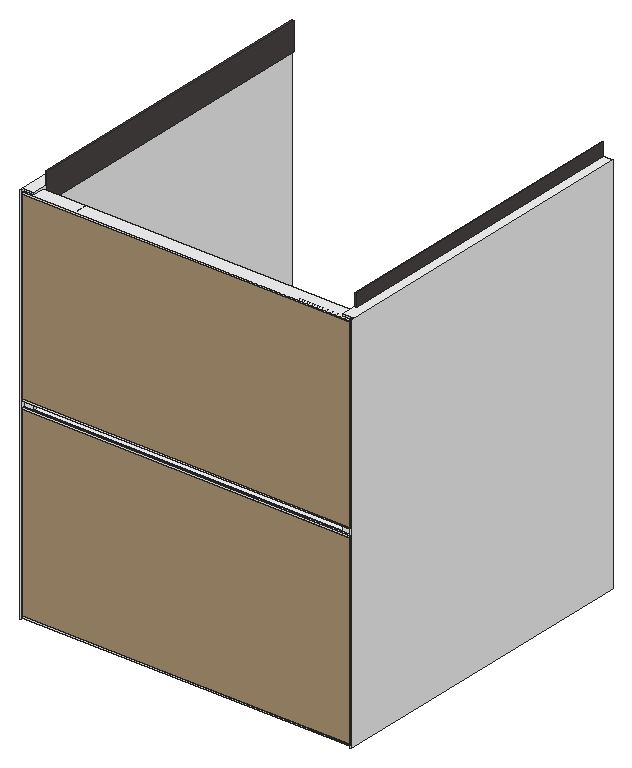
Revit family "vanity unit-hansgrohe-54172XXX-Xevolos E Vanity unit Matt White 480_475 with 2 drawers for handrinse basin", category Furniture, Revit 2019
Family settings
  OmniClass Number = 23.40.00.00
  OmniClass Title = Equipment and Furnishings
  Work Plane-Based = No
  Always vertical = Yes
  Cut with Voids When Loaded = No
  Shared = Yes
  Room Calculation Point = No
Parameters (values of type "54172390-MATT_WHITE-PATTEREND_BRONZE-400")
  etim7_EC011381 = "EC011381"
  WEIGHT = "26.7"
  UNSPSC = "56 | Furniture and Furnishings"
  UNIFORMATII = "E2010 | Fixed Furnishings"
  UNICLASS_2015_CODE = "40_30_78_05"
  UNICLASS2015 = "Pr_40_30_78_05 | Bathroom furniture"
  SURFACE = "PATTEREND_BRONZE"
  REGION = "Worldwide"
  PRODUCTURL = "https://pro.hansgrohe.com/articledetail--54172320"
  PERMALINK = "54172XXX"
  OMNICLASS = "23-21 19 15 33 13 | Residential Bathroom Specialty Casework"
  OBJECTTYPE = "Object (single object)"
  OBERFLAECHE = "MATT_WHITE"
  NN = "Vanity unit with 2 drawers for handrinse basin"
  NBSYN = "$ARTNR.-$OBERFLAECHE.-$SURFACE.-$LODLEVEL."
  NB = "54172390-MATT_WHITE-PATTEREND_BRONZE-400"
  NAME = "Xevolos E Vanity unit Matt White 480/475 with 2 drawers for handrinse basin"
  Model = "54172390-MATT_WHITE-PATTEREND_BRONZE-400"
  Manufacturer = "Hansgrohe"
  MIdent = "{$CADENAS_DATA/23d-libs/hansgrohe/xevolos_furniture/xevolos_vanity_unit_2_drawers_handrinse_basin/vanity_unit_2_drawers_for_handrinse_basin.prj},268 {VTYP=3D},{NB=54172390-MATT_WHITE-PATTEREND_BRONZE-400},{LINA=54172390-MATT_WHITE-PATTEREND_BRONZE-400},{NN=Vanity unit with 2 drawers for handrinse basin},{DATE=13.03.2023 12:26:32},{GEOMDATE=12.03.2023 06:54:00},{VERSION=},{LINEID=20},{WBVAR=LODLEVEL},{WBNUMERIC=}  {NB=54172390-MATT_WHITE-PATTEREND_BRONZE-400},{LINA=54172390-MATT_WHITE-PATTEREND_BRONZE-400},{KT=DUMMY},{IDNR=2},{ARTNR=54172390},{BASENUMBER=54172},{MODEL=54172XXX},{OBERFLAECHE=MATT_WHITE},{SURFACE=PATTEREND_BRONZE},{L=480},{LODLEVEL=400},{LODLEVELX='400','400','200','200'},{NAME=Xevolos E Vanity unit Matt White 480/475 with 2 drawers for handrinse basin},{PERMALINK=54172XXX},{OBJECTTYPE=Object (single object)},{BIMOBJECT=Sanitary: Compound units},{COLLECTIONSET=Xevolos E},{COLLECTION=vanity unit},{WEIGHT=26.7},{DESCRIPTION=Xevolos E Vanity unit Matt White 480/475 with 2 drawers for handrinse basin},{PRODUCTURL=https://pro.hansgrohe.com/articledetail--54172320},{GTINCODE=0},{TENDERURL=0},{IFC=Furnishing element},{ETIM=EC011381 | Bathroom furniture set},{UNICLASS2015=Pr_40_30_78_05 | Bathroom furniture},{OMNICLASS=23-21 19 15 33 13 | Residential Bathroom Specialty Casework},{MASTERFORMAT=12 35 30.23 | Bathroom Casework},{UNSPSC=56 | Furniture and Furnishings},{UNIFORMATII=E2010 | Fixed Furnishings},{REGION=Worldwide},{DESIGN=Germany},{MANUFACTURER=Germany}"
  MASTERFORMAT = "12 35 30.23 | Bathroom Casework"
  LODLEVEL = "400"
  LINA = "54172390-MATT_WHITE-PATTEREND_BRONZE-400"
  L = 480
  IFC = "Furnishing element"
  IDNR = 2
  ETIM = "EC011381 | Bathroom furniture set"
  DESIGN = "Germany"
  COLLECTIONSET = "Xevolos E"
  COLLECTION = "vanity unit"
  CATALOG = "Hansgrohe"
  BIMOBJECT = "Sanitary: Compound units"
  BASENUMBER = "54172"
  ARTNR = "54172390"
  54172730-MATT_WHITE-DARK_OAK-400_RX0RY0RZ0TX0TY0TZ0_V = no
  54172730-MATT_WHITE-DARK_OAK-200_RX0RY0RZ0TX0TY0TZ0_V = no
  54172390-MATT_WHITE-PATTEREND_BRONZE-400_RX0RY0RZ0TX0TY0TZ0_V = yes
  54172390-MATT_WHITE-PATTEREND_BRONZE-200_RX0RY0RZ0TX0TY0TZ0_V = no
  54172320-MATT_WHITE-METALLIC_WHITE-400_RX0RY0RZ0TX0TY0TZ0_V = no
  54172320-MATT_WHITE-METALLIC_WHITE-200_RX0RY0RZ0TX0TY0TZ0_V = no
Types (6, lengths in mm): name | SURFACE | NB | Model | MIdent | LODLEVEL | LINA | IDNR | ARTNR | 54172730-MATT_WHITE-DARK_OAK-400_RX0RY0RZ0TX0TY0TZ0_V | 54172730-MATT_WHITE-DARK_OAK-200_RX0RY0RZ0TX0TY0TZ0_V | 54172390-MATT_WHITE-PATTEREND_BRONZE-400_RX0RY0RZ0TX0TY0TZ0_V | 54172390-MATT_WHITE-PATTEREND_BRONZE-200_RX0RY0RZ0TX0TY0TZ0_V | 54172320-MATT_WHITE-METALLIC_WHITE-400_RX0RY0RZ0TX0TY0TZ0_V | 54172320-MATT_WHITE-METALLIC_WHITE-200_RX0RY0RZ0TX0TY0TZ0_V
  54172320-MATT_WHITE-METALLIC_WHITE-200 | "METALLIC_WHITE" | "54172320-MATT_WHITE-METALLIC_WHITE-200" | "54172320-MATT_WHITE-METALLIC_WHITE-200" | "{$CADENAS_DATA/23d-libs/hansgrohe/xevolos_furniture/xevolos_vanity_unit_2_drawers_handrinse_basin/vanity_unit_2_drawers_for_handrinse_basin.prj},264 {VTYP=3D},{NB=54172320-MATT_WHITE-METALLIC_WHITE-200},{LINA=54172320-MATT_WHITE-METALLIC_WHITE-200},{NN=Vanity unit with 2 drawers for handrinse basin},{DATE=13.03.2023 12:26:32},{GEOMDATE=12.03.2023 06:54:00},{VERSION=},{LINEID=10},{WBVAR=LODLEVEL},{WBNUMERIC=}  {NB=54172320-MATT_WHITE-METALLIC_WHITE-200},{LINA=54172320-MATT_WHITE-METALLIC_WHITE-200},{KT=DUMMY},{IDNR=1},{ARTNR=54172320},{BASENUMBER=54172},{MODEL=54172XXX},{OBERFLAECHE=MATT_WHITE},{SURFACE=METALLIC_WHITE},{L=480},{LODLEVEL=200},{LODLEVELX='400','400','200','200'},{NAME=Xevolos E Vanity unit Matt White 480/475 with 2 drawers for handrinse basin},{PERMALINK=54172XXX},{OBJECTTYPE=Object (single object)},{BIMOBJECT=Sanitary: Compound units},{COLLECTIONSET=Xevolos E},{COLLECTION=vanity unit},{WEIGHT=26.7},{DESCRIPTION=Xevolos E Vanity unit Matt White 480/475 with 2 drawers for handrinse basin},{PRODUCTURL=https://pro.hansgrohe.com/articledetail--54172320},{GTINCODE=0},{TENDERURL=0},{IFC=Furnishing element},{ETIM=EC011381 | Bathroom furniture set},{UNICLASS2015=Pr_40_30_78_05 | Bathroom furniture},{OMNICLASS=23-21 19 15 33 13 | Residential Bathroom Specialty Casework},{MASTERFORMAT=12 35 30.23 | Bathroom Casework},{UNSPSC=56 | Furniture and Furnishings},{UNIFORMATII=E2010 | Fixed Furnishings},{REGION=Worldwide},{DESIGN=Germany},{MANUFACTURER=Germany}" | "200" | "54172320-MATT_WHITE-METALLIC_WHITE-200" | 1 | "54172320" | no | no | no | no | no | yes
  54172320-MATT_WHITE-METALLIC_WHITE-400 | "METALLIC_WHITE" | "54172320-MATT_WHITE-METALLIC_WHITE-400" | "54172320-MATT_WHITE-METALLIC_WHITE-400" | "{$CADENAS_DATA/23d-libs/hansgrohe/xevolos_furniture/xevolos_vanity_unit_2_drawers_handrinse_basin/vanity_unit_2_drawers_for_handrinse_basin.prj},264 {VTYP=3D},{NB=54172320-MATT_WHITE-METALLIC_WHITE-400},{LINA=54172320-MATT_WHITE-METALLIC_WHITE-400},{NN=Vanity unit with 2 drawers for handrinse basin},{DATE=13.03.2023 12:26:32},{GEOMDATE=12.03.2023 06:54:00},{VERSION=},{LINEID=10},{WBVAR=LODLEVEL},{WBNUMERIC=}  {NB=54172320-MATT_WHITE-METALLIC_WHITE-400},{LINA=54172320-MATT_WHITE-METALLIC_WHITE-400},{KT=DUMMY},{IDNR=1},{ARTNR=54172320},{BASENUMBER=54172},{MODEL=54172XXX},{OBERFLAECHE=MATT_WHITE},{SURFACE=METALLIC_WHITE},{L=480},{LODLEVEL=400},{LODLEVELX='400','400','200','200'},{NAME=Xevolos E Vanity unit Matt White 480/475 with 2 drawers for handrinse basin},{PERMALINK=54172XXX},{OBJECTTYPE=Object (single object)},{BIMOBJECT=Sanitary: Compound units},{COLLECTIONSET=Xevolos E},{COLLECTION=vanity unit},{WEIGHT=26.7},{DESCRIPTION=Xevolos E Vanity unit Matt White 480/475 with 2 drawers for handrinse basin},{PRODUCTURL=https://pro.hansgrohe.com/articledetail--54172320},{GTINCODE=0},{TENDERURL=0},{IFC=Furnishing element},{ETIM=EC011381 | Bathroom furniture set},{UNICLASS2015=Pr_40_30_78_05 | Bathroom furniture},{OMNICLASS=23-21 19 15 33 13 | Residential Bathroom Specialty Casework},{MASTERFORMAT=12 35 30.23 | Bathroom Casework},{UNSPSC=56 | Furniture and Furnishings},{UNIFORMATII=E2010 | Fixed Furnishings},{REGION=Worldwide},{DESIGN=Germany},{MANUFACTURER=Germany}" | "400" | "54172320-MATT_WHITE-METALLIC_WHITE-400" | 1 | "54172320" | no | no | no | no | yes | no
  54172390-MATT_WHITE-PATTEREND_BRONZE-200 | "PATTEREND_BRONZE" | "54172390-MATT_WHITE-PATTEREND_BRONZE-200" | "54172390-MATT_WHITE-PATTEREND_BRONZE-200" | "{$CADENAS_DATA/23d-libs/hansgrohe/xevolos_furniture/xevolos_vanity_unit_2_drawers_handrinse_basin/vanity_unit_2_drawers_for_handrinse_basin.prj},268 {VTYP=3D},{NB=54172390-MATT_WHITE-PATTEREND_BRONZE-200},{LINA=54172390-MATT_WHITE-PATTEREND_BRONZE-200},{NN=Vanity unit with 2 drawers for handrinse basin},{DATE=13.03.2023 12:26:32},{GEOMDATE=12.03.2023 06:54:00},{VERSION=},{LINEID=20},{WBVAR=LODLEVEL},{WBNUMERIC=}  {NB=54172390-MATT_WHITE-PATTEREND_BRONZE-200},{LINA=54172390-MATT_WHITE-PATTEREND_BRONZE-200},{KT=DUMMY},{IDNR=2},{ARTNR=54172390},{BASENUMBER=54172},{MODEL=54172XXX},{OBERFLAECHE=MATT_WHITE},{SURFACE=PATTEREND_BRONZE},{L=480},{LODLEVEL=200},{LODLEVELX='400','400','200','200'},{NAME=Xevolos E Vanity unit Matt White 480/475 with 2 drawers for handrinse basin},{PERMALINK=54172XXX},{OBJECTTYPE=Object (single object)},{BIMOBJECT=Sanitary: Compound units},{COLLECTIONSET=Xevolos E},{COLLECTION=vanity unit},{WEIGHT=26.7},{DESCRIPTION=Xevolos E Vanity unit Matt White 480/475 with 2 drawers for handrinse basin},{PRODUCTURL=https://pro.hansgrohe.com/articledetail--54172320},{GTINCODE=0},{TENDERURL=0},{IFC=Furnishing element},{ETIM=EC011381 | Bathroom furniture set},{UNICLASS2015=Pr_40_30_78_05 | Bathroom furniture},{OMNICLASS=23-21 19 15 33 13 | Residential Bathroom Specialty Casework},{MASTERFORMAT=12 35 30.23 | Bathroom Casework},{UNSPSC=56 | Furniture and Furnishings},{UNIFORMATII=E2010 | Fixed Furnishings},{REGION=Worldwide},{DESIGN=Germany},{MANUFACTURER=Germany}" | "200" | "54172390-MATT_WHITE-PATTEREND_BRONZE-200" | 2 | "54172390" | no | no | no | yes | no | no
  54172390-MATT_WHITE-PATTEREND_BRONZE-400 | "PATTEREND_BRONZE" | "54172390-MATT_WHITE-PATTEREND_BRONZE-400" | "54172390-MATT_WHITE-PATTEREND_BRONZE-400" | "{$CADENAS_DATA/23d-libs/hansgrohe/xevolos_furniture/xevolos_vanity_unit_2_drawers_handrinse_basin/vanity_unit_2_drawers_for_handrinse_basin.prj},268 {VTYP=3D},{NB=54172390-MATT_WHITE-PATTEREND_BRONZE-400},{LINA=54172390-MATT_WHITE-PATTEREND_BRONZE-400},{NN=Vanity unit with 2 drawers for handrinse basin},{DATE=13.03.2023 12:26:32},{GEOMDATE=12.03.2023 06:54:00},{VERSION=},{LINEID=20},{WBVAR=LODLEVEL},{WBNUMERIC=}  {NB=54172390-MATT_WHITE-PATTEREND_BRONZE-400},{LINA=54172390-MATT_WHITE-PATTEREND_BRONZE-400},{KT=DUMMY},{IDNR=2},{ARTNR=54172390},{BASENUMBER=54172},{MODEL=54172XXX},{OBERFLAECHE=MATT_WHITE},{SURFACE=PATTEREND_BRONZE},{L=480},{LODLEVEL=400},{LODLEVELX='400','400','200','200'},{NAME=Xevolos E Vanity unit Matt White 480/475 with 2 drawers for handrinse basin},{PERMALINK=54172XXX},{OBJECTTYPE=Object (single object)},{BIMOBJECT=Sanitary: Compound units},{COLLECTIONSET=Xevolos E},{COLLECTION=vanity unit},{WEIGHT=26.7},{DESCRIPTION=Xevolos E Vanity unit Matt White 480/475 with 2 drawers for handrinse basin},{PRODUCTURL=https://pro.hansgrohe.com/articledetail--54172320},{GTINCODE=0},{TENDERURL=0},{IFC=Furnishing element},{ETIM=EC011381 | Bathroom furniture set},{UNICLASS2015=Pr_40_30_78_05 | Bathroom furniture},{OMNICLASS=23-21 19 15 33 13 | Residential Bathroom Specialty Casework},{MASTERFORMAT=12 35 30.23 | Bathroom Casework},{UNSPSC=56 | Furniture and Furnishings},{UNIFORMATII=E2010 | Fixed Furnishings},{REGION=Worldwide},{DESIGN=Germany},{MANUFACTURER=Germany}" | "400" | "54172390-MATT_WHITE-PATTEREND_BRONZE-400" | 2 | "54172390" | no | no | yes | no | no | no
  54172730-MATT_WHITE-DARK_OAK-200 | "DARK_OAK" | "54172730-MATT_WHITE-DARK_OAK-200" | "54172730-MATT_WHITE-DARK_OAK-200" | "{$CADENAS_DATA/23d-libs/hansgrohe/xevolos_furniture/xevolos_vanity_unit_2_drawers_handrinse_basin/vanity_unit_2_drawers_for_handrinse_basin.prj},252 {VTYP=3D},{NB=54172730-MATT_WHITE-DARK_OAK-200},{LINA=54172730-MATT_WHITE-DARK_OAK-200},{NN=Vanity unit with 2 drawers for handrinse basin},{DATE=13.03.2023 12:26:32},{GEOMDATE=12.03.2023 06:54:00},{VERSION=},{LINEID=30},{WBVAR=LODLEVEL},{WBNUMERIC=}  {NB=54172730-MATT_WHITE-DARK_OAK-200},{LINA=54172730-MATT_WHITE-DARK_OAK-200},{KT=DUMMY},{IDNR=3},{ARTNR=54172730},{BASENUMBER=54172},{MODEL=54172XXX},{OBERFLAECHE=MATT_WHITE},{SURFACE=DARK_OAK},{L=480},{LODLEVEL=200},{LODLEVELX='400','400','200','200'},{NAME=Xevolos E Vanity unit Matt White 480/475 with 2 drawers for handrinse basin},{PERMALINK=54172XXX},{OBJECTTYPE=Object (single object)},{BIMOBJECT=Sanitary: Compound units},{COLLECTIONSET=Xevolos E},{COLLECTION=vanity unit},{WEIGHT=26.7},{DESCRIPTION=Xevolos E Vanity unit Matt White 480/475 with 2 drawers for handrinse basin},{PRODUCTURL=https://pro.hansgrohe.com/articledetail--54172320},{GTINCODE=0},{TENDERURL=0},{IFC=Furnishing element},{ETIM=EC011381 | Bathroom furniture set},{UNICLASS2015=Pr_40_30_78_05 | Bathroom furniture},{OMNICLASS=23-21 19 15 33 13 | Residential Bathroom Specialty Casework},{MASTERFORMAT=12 35 30.23 | Bathroom Casework},{UNSPSC=56 | Furniture and Furnishings},{UNIFORMATII=E2010 | Fixed Furnishings},{REGION=Worldwide},{DESIGN=Germany},{MANUFACTURER=Germany}" | "200" | "54172730-MATT_WHITE-DARK_OAK-200" | 3 | "54172730" | no | yes | no | no | no | no
  54172730-MATT_WHITE-DARK_OAK-400 | "DARK_OAK" | "54172730-MATT_WHITE-DARK_OAK-400" | "54172730-MATT_WHITE-DARK_OAK-400" | "{$CADENAS_DATA/23d-libs/hansgrohe/xevolos_furniture/xevolos_vanity_unit_2_drawers_handrinse_basin/vanity_unit_2_drawers_for_handrinse_basin.prj},252 {VTYP=3D},{NB=54172730-MATT_WHITE-DARK_OAK-400},{LINA=54172730-MATT_WHITE-DARK_OAK-400},{NN=Vanity unit with 2 drawers for handrinse basin},{DATE=13.03.2023 12:26:32},{GEOMDATE=12.03.2023 06:54:00},{VERSION=},{LINEID=30},{WBVAR=LODLEVEL},{WBNUMERIC=}  {NB=54172730-MATT_WHITE-DARK_OAK-400},{LINA=54172730-MATT_WHITE-DARK_OAK-400},{KT=DUMMY},{IDNR=3},{ARTNR=54172730},{BASENUMBER=54172},{MODEL=54172XXX},{OBERFLAECHE=MATT_WHITE},{SURFACE=DARK_OAK},{L=480},{LODLEVEL=400},{LODLEVELX='400','400','200','200'},{NAME=Xevolos E Vanity unit Matt White 480/475 with 2 drawers for handrinse basin},{PERMALINK=54172XXX},{OBJECTTYPE=Object (single object)},{BIMOBJECT=Sanitary: Compound units},{COLLECTIONSET=Xevolos E},{COLLECTION=vanity unit},{WEIGHT=26.7},{DESCRIPTION=Xevolos E Vanity unit Matt White 480/475 with 2 drawers for handrinse basin},{PRODUCTURL=https://pro.hansgrohe.com/articledetail--54172320},{GTINCODE=0},{TENDERURL=0},{IFC=Furnishing element},{ETIM=EC011381 | Bathroom furniture set},{UNICLASS2015=Pr_40_30_78_05 | Bathroom furniture},{OMNICLASS=23-21 19 15 33 13 | Residential Bathroom Specialty Casework},{MASTERFORMAT=12 35 30.23 | Bathroom Casework},{UNSPSC=56 | Furniture and Furnishings},{UNIFORMATII=E2010 | Fixed Furnishings},{REGION=Worldwide},{DESIGN=Germany},{MANUFACTURER=Germany}" | "400" | "54172730-MATT_WHITE-DARK_OAK-400" | 3 | "54172730" | yes | no | no | no | no | no
Reference planes
  plane 1 "Center (Front/Back)": y = 0
  plane 2: z = 0
  plane 3 "Center (Left/Right)": x = 0
Dimensions and locks
  aligned and locked: level to plane 2
Nested families
  nested 1: "54172320-matt_white-metallic_white-200_content" at (0, 0, 0), visible <- "54172320-MATT_WHITE-METALLIC_WHITE-200_RX0RY0RZ0TX0TY0TZ0_V", ContentVisible <- "54172320-MATT_WHITE-METALLIC_WHITE-200_RX0RY0RZ0TX0TY0TZ0_V", type "54172320-MATT_WHITE-METALLIC_WHITE-200_Content"
    with ContentVisible no
  nested 2: "54172320-matt_white-metallic_white-400_content" at (0, 0, 0), visible <- "54172320-MATT_WHITE-METALLIC_WHITE-400_RX0RY0RZ0TX0TY0TZ0_V", ContentVisible <- "54172320-MATT_WHITE-METALLIC_WHITE-400_RX0RY0RZ0TX0TY0TZ0_V", type "54172320-MATT_WHITE-METALLIC_WHITE-400_Content"
    with ContentVisible no
  nested 3: "54172390-matt_white-patterend_bronze-200_content" at (0, 0, 0), visible <- "54172390-MATT_WHITE-PATTEREND_BRONZE-200_RX0RY0RZ0TX0TY0TZ0_V", ContentVisible <- "54172390-MATT_WHITE-PATTEREND_BRONZE-200_RX0RY0RZ0TX0TY0TZ0_V", type "54172390-MATT_WHITE-PATTEREND_BRONZE-200_Content"
    with ContentVisible no
  nested 4: "54172390-matt_white-patterend_bronze-400_content" at (0, 0, 0), visible <- "54172390-MATT_WHITE-PATTEREND_BRONZE-400_RX0RY0RZ0TX0TY0TZ0_V", ContentVisible <- "54172390-MATT_WHITE-PATTEREND_BRONZE-400_RX0RY0RZ0TX0TY0TZ0_V", type "54172390-MATT_WHITE-PATTEREND_BRONZE-400_Content"
    with ContentVisible yes
  nested 5: "54172730-matt_white-dark_oak-200_content" at (0, 0, 0), visible <- "54172730-MATT_WHITE-DARK_OAK-200_RX0RY0RZ0TX0TY0TZ0_V", ContentVisible <- "54172730-MATT_WHITE-DARK_OAK-200_RX0RY0RZ0TX0TY0TZ0_V", type "54172730-MATT_WHITE-DARK_OAK-200_Content"
    with ContentVisible no
  nested 6: "54172730-matt_white-dark_oak-400_content" at (0, 0, 0), visible <- "54172730-MATT_WHITE-DARK_OAK-400_RX0RY0RZ0TX0TY0TZ0_V", ContentVisible <- "54172730-MATT_WHITE-DARK_OAK-400_RX0RY0RZ0TX0TY0TZ0_V", type "54172730-MATT_WHITE-DARK_OAK-400_Content"
    with ContentVisible no
Definition of nested family "54172390-matt_white-patterend_bronze-400_content"
  Parameters (values of type "54172390-MATT_WHITE-PATTEREND_BRONZE-400_Content")
    etim7_EC011381 = "EC011381"
    WEIGHT = "26.7"
    UNSPSC = "56 | Furniture and Furnishings"
    UNIFORMATII = "E2010 | Fixed Furnishings"
    UNICLASS_2015_CODE = "40_30_78_05"
    UNICLASS2015 = "Pr_40_30_78_05 | Bathroom furniture"
    SURFACE = "PATTEREND_BRONZE"
    REGION = "Worldwide"
    PRODUCTURL = "https://pro.hansgrohe.com/articledetail--54172320"
    PERMALINK = "54172XXX"
    OMNICLASS = "23-21 19 15 33 13 | Residential Bathroom Specialty Casework"
    OBJECTTYPE = "Object (single object)"
    OBERFLAECHE = "MATT_WHITE"
    NN = "Vanity unit with 2 drawers for handrinse basin"
    NBSYN = "$ARTNR.-$OBERFLAECHE.-$SURFACE.-$LODLEVEL."
    NB = "54172390-MATT_WHITE-PATTEREND_BRONZE-400"
    NAME = "Xevolos E Vanity unit Matt White 480/475 with 2 drawers for handrinse basin"
    Model = "54172390-MATT_WHITE-PATTEREND_BRONZE-400"
    Manufacturer = "Hansgrohe"
    MASTERFORMAT = "12 35 30.23 | Bathroom Casework"
    LODLEVEL = "400"
    LINA = "54172390-MATT_WHITE-PATTEREND_BRONZE-400"
    L = 480
    IFC = "Furnishing element"
    IDNR = 2
    ETIM = "EC011381 | Bathroom furniture set"
    Default Elevation = 1219.2 mm
    DESIGN = "Germany"
    ContentVisible [instance] = yes
    COLLECTIONSET = "Xevolos E"
    COLLECTION = "vanity unit"
    CATALOG = "Hansgrohe"
    BIMOBJECT = "Sanitary: Compound units"
    BASENUMBER = "54172"
    ARTNR = "54172390"
  Reference planes
    plane 1 "Center (Front/Back)": y = 0
    plane 2: z = 0
    plane 3 "Center (Left/Right)": x = 0
  Forms (mm)
    Extrusion 1, solid, visible <- "ContentVisible", detail levels medium+fine
      sketch origin (0, 0, 0) x (1, 0, 0) y (0, 1, 0)
        loop
          line (-240, 0) -> (-240, -472.3) -> (-238, -472.3) -> (-238, -468.3) -> (-224, -468.3) -> (-224, 0) -> (-240, 0)
      from 0 to 556
    Extrusion 2, solid, visible <- "ContentVisible", detail levels medium+fine
      sketch origin (0, 0, 0) x (1, 0, 0) y (0, 1, 0)
        loop
          line (-224, -79) -> (-224, -445.5) -> (224, -445.5) -> (224, -79) -> (-224, -79)
      from 0 to 16
    Extrusion 3, solid, visible <- "ContentVisible", detail levels medium+fine
      sketch origin (0, 0, 0) x (1, 0, 0) y (0, 1, 0)
        loop
          line (224, 0) -> (224, -468.3) -> (238, -468.3) -> (238, -472.3) -> (240, -472.3) -> (240, 0) -> (224, 0)
      from 0 to 556
    Extrusion 4, solid, visible <- "ContentVisible", detail levels medium+fine
      sketch origin (0, 0, 0.5) x (1, 0, 0) y (0, 1, 0)
        loop
          line (-224, -63) -> (-224, -79) -> (224, -79) -> (224, -63) -> (-224, -63)
      from 0 to 126
    Extrusion 5, solid, visible <- "ContentVisible", detail levels medium+fine
      sketch origin (0, 0, 2) x (1, 0, 0) y (0, 1, 0)
        loop
          line (-238, -451) -> (-238, -472.3) -> (238, -472.3) -> (238, -451) -> (-238, -451)
      from 0 to 2
    Extrusion 6, solid, visible <- "ContentVisible", detail levels medium+fine
      sketch origin (0, 0, 554) x (1, 0, 0) y (0, 1, 0)
        loop
          line (-238, -451) -> (-238, -472.3) -> (238, -472.3) -> (238, -451) -> (-238, -451)
      from -2 to 0
    Extrusion 7, solid, visible <- "ContentVisible", detail levels medium+fine
      sketch origin (0, -468.3, 0) x (1, 0, 0) y (0, 0, -1)
        loop
          line (-238, -272.5) -> (238, -272.5) -> (238, -4.5) -> (-238, -4.5) -> (-238, -272.5)
      from -4 to 0
    Extrusion 8, solid, visible <- "ContentVisible", detail levels medium+fine
      sketch origin (0, -468.3, 0) x (1, 0, 0) y (0, 0, -1)
        loop
          line (-238, -553.5) -> (238, -553.5) -> (238, -285.5) -> (-238, -285.5) -> (-238, -553.5)
      from -4 to 0
    Extrusion 9, solid, visible <- "ContentVisible", detail levels medium+fine
      sketch origin (0, 0, 272.5) x (1, 0, 0) y (0, 1, 0)
        loop
          line (-238, -451) -> (-238, -472.3) -> (238, -472.3) -> (238, -451) -> (-238, -451)
      from 0 to 2
    Extrusion 10, solid, visible <- "ContentVisible", detail levels medium+fine
      sketch origin (0, 0, 285.5) x (1, 0, 0) y (0, 1, 0)
        loop
          line (-238, -451) -> (-238, -472.3) -> (238, -472.3) -> (238, -451) -> (-238, -451)
      from -2 to 0
    Extrusion 11, solid, visible <- "ContentVisible", detail levels medium+fine
      sketch origin (0, -468.3, 0) x (1, 0, 0) y (0, 0, -1)
        loop
          line (-238, -274.5) -> (238, -274.5) -> (238, -4.5) -> (-238, -4.5) -> (-238, -274.5)
        loop
          line (-164, -78) -> (-164, -272.5) -> (164, -272.5) -> (164, -78) -> (-164, -78)
      from 0 to 17
    Extrusion 12, solid, visible <- "ContentVisible", detail levels medium+fine
      sketch origin (0, -468.3, 0) x (1, 0, 0) y (0, 0, -1)
        loop
          line (-238, -553.5) -> (-162, -553.5) -> (-162, -361.5) -> (162, -361.5) -> (162, -553.5) -> (238, -553.5) -> (238, -285.5) -> (-238, -285.5) -> (-238, -553.5)
      from 0 to 17
    Extrusion 13, solid, visible <- "ContentVisible", detail levels medium+fine
      sketch origin (-224, 0, 0) x (0, 0, -1) y (0, 1, 0)
        loop
          line (-574, 0) -> (-574, -446) -> (-534, -446) -> (-534, 0) -> (-574, 0)
      from 0 to 2
    Extrusion 14, solid, visible <- "ContentVisible", detail levels medium+fine
      sketch origin (224, 0, 0) x (0, 0, -1) y (0, 1, 0)
        loop
          line (-574, 0) -> (-574, -446) -> (-534, -446) -> (-534, 0) -> (-574, 0)
      from 0 to 2
    Extrusion 15, solid, visible <- "ContentVisible", detail levels medium+fine
      sketch origin (0, 0, 0) x (0, 0, -1) y (0, 1, 0)
        loop
          line (-285, -319.5) -> (-285, -444) -> (-269, -444) -> (-269, -319.5) -> (-285, -319.5)
      from -224 to 224
    Extrusion 16, solid, visible <- "ContentVisible", detail levels coarse
      sketch origin (0, -236.15, 0) x (1, 0, 0) y (0, 1, 0)
        loop
          line (-240, -236.15) -> (240, -236.15) -> (240, 236.15) -> (-240, 236.15) -> (-240, -236.15)
      from 0 to 574
  Dimensions and locks
    aligned and locked: level to plane 2
Definition of nested family "54172320-matt_white-metallic_white-200_content"
  Parameters (values of type "54172320-MATT_WHITE-METALLIC_WHITE-200_Content")
    etim7_EC011381 = "EC011381"
    WEIGHT = "26.7"
    UNSPSC = "56 | Furniture and Furnishings"
    UNIFORMATII = "E2010 | Fixed Furnishings"
    UNICLASS_2015_CODE = "40_30_78_05"
    UNICLASS2015 = "Pr_40_30_78_05 | Bathroom furniture"
    SURFACE = "METALLIC_WHITE"
    REGION = "Worldwide"
    PRODUCTURL = "https://pro.hansgrohe.com/articledetail--54172320"
    PERMALINK = "54172XXX"
    OMNICLASS = "23-21 19 15 33 13 | Residential Bathroom Specialty Casework"
    OBJECTTYPE = "Object (single object)"
    OBERFLAECHE = "MATT_WHITE"
    NN = "Vanity unit with 2 drawers for handrinse basin"
    NBSYN = "$ARTNR.-$OBERFLAECHE.-$SURFACE.-$LODLEVEL."
    NB = "54172320-MATT_WHITE-METALLIC_WHITE-200"
    NAME = "Xevolos E Vanity unit Matt White 480/475 with 2 drawers for handrinse basin"
    Model = "54172320-MATT_WHITE-METALLIC_WHITE-200"
    Manufacturer = "Hansgrohe"
    MASTERFORMAT = "12 35 30.23 | Bathroom Casework"
    LODLEVEL = "200"
    LINA = "54172320-MATT_WHITE-METALLIC_WHITE-200"
    L = 480
    IFC = "Furnishing element"
    IDNR = 1
    ETIM = "EC011381 | Bathroom furniture set"
    Default Elevation = 1219.2 mm
    DESIGN = "Germany"
    ContentVisible [instance] = yes
    COLLECTIONSET = "Xevolos E"
    COLLECTION = "vanity unit"
    CATALOG = "Hansgrohe"
    BIMOBJECT = "Sanitary: Compound units"
    BASENUMBER = "54172"
    ARTNR = "54172320"
  Reference planes
    plane 1 "Center (Front/Back)": y = 0
    plane 2: z = 0
    plane 3 "Center (Left/Right)": x = 0
  Forms (mm)
    Extrusion 1, solid, visible <- "ContentVisible", detail levels medium+fine
      sketch origin (0, 0, 0) x (1, 0, 0) y (0, 1, 0)
        loop
          line (-240, 0) -> (-240, -468.3) -> (240, -468.3) -> (240, 0) -> (-240, 0)
      from 0 to 556
    Extrusion 2, solid, visible <- "ContentVisible", detail levels medium+fine
      sketch origin (0, -468.3, 0) x (1, 0, 0) y (0, 0, -1)
        loop
          line (-240, -278) -> (-238, -278) -> (-238, -4) -> (238, -4) -> (238, -278) -> (240, -278) -> (240, -2) -> (-240, -2) -> (-240, -278)
      from -4 to 0
    Extrusion 3, solid, visible <- "ContentVisible", detail levels medium+fine
      sketch origin (0, -468.3, 0) x (1, 0, 0) y (0, 0, -1)
        loop
          line (-240, -278) -> (-240, -554) -> (240, -554) -> (240, -278) -> (238, -278) -> (238, -552) -> (-238, -552) -> (-238, -278) -> (-240, -278)
      from -4 to 0
    Extrusion 4, solid, visible <- "ContentVisible", detail levels medium+fine
      sketch origin (0, -468.3, 0) x (1, 0, 0) y (0, 0, -1)
        loop
          line (-238, -272.5) -> (238, -272.5) -> (238, -4.5) -> (-238, -4.5) -> (-238, -272.5)
      from -4 to 0
    Extrusion 5, solid, visible <- "ContentVisible", detail levels medium+fine
      sketch origin (0, -468.3, 0) x (1, 0, 0) y (0, 0, -1)
        loop
          line (-238, -553.5) -> (238, -553.5) -> (238, -285.5) -> (-238, -285.5) -> (-238, -553.5)
      from -4 to 0
    Extrusion 6, solid, visible <- "ContentVisible", detail levels medium+fine
      sketch origin (-224, 0, 0) x (0, 0, -1) y (0, 1, 0)
        loop
          line (-574, 0) -> (-574, -446) -> (-534, -446) -> (-534, 0) -> (-574, 0)
      from 0 to 2
    Extrusion 7, solid, visible <- "ContentVisible", detail levels medium+fine
      sketch origin (224, 0, 0) x (0, 0, -1) y (0, 1, 0)
        loop
          line (-574, 0) -> (-574, -446) -> (-534, -446) -> (-534, 0) -> (-574, 0)
      from 0 to 2
    Extrusion 8, solid, visible <- "ContentVisible", detail levels coarse
      sketch origin (0, -236.15, 0) x (1, 0, 0) y (0, 1, 0)
        loop
          line (-240, -236.15) -> (240, -236.15) -> (240, 236.15) -> (-240, 236.15) -> (-240, -236.15)
      from 0 to 574
  Dimensions and locks
    aligned and locked: level to plane 2
Definition of nested family "54172320-matt_white-metallic_white-400_content"
  Parameters (values of type "54172320-MATT_WHITE-METALLIC_WHITE-400_Content")
    etim7_EC011381 = "EC011381"
    WEIGHT = "26.7"
    UNSPSC = "56 | Furniture and Furnishings"
    UNIFORMATII = "E2010 | Fixed Furnishings"
    UNICLASS_2015_CODE = "40_30_78_05"
    UNICLASS2015 = "Pr_40_30_78_05 | Bathroom furniture"
    SURFACE = "METALLIC_WHITE"
    REGION = "Worldwide"
    PRODUCTURL = "https://pro.hansgrohe.com/articledetail--54172320"
    PERMALINK = "54172XXX"
    OMNICLASS = "23-21 19 15 33 13 | Residential Bathroom Specialty Casework"
    OBJECTTYPE = "Object (single object)"
    OBERFLAECHE = "MATT_WHITE"
    NN = "Vanity unit with 2 drawers for handrinse basin"
    NBSYN = "$ARTNR.-$OBERFLAECHE.-$SURFACE.-$LODLEVEL."
    NB = "54172320-MATT_WHITE-METALLIC_WHITE-400"
    NAME = "Xevolos E Vanity unit Matt White 480/475 with 2 drawers for handrinse basin"
    Model = "54172320-MATT_WHITE-METALLIC_WHITE-400"
    Manufacturer = "Hansgrohe"
    MASTERFORMAT = "12 35 30.23 | Bathroom Casework"
    LODLEVEL = "400"
    LINA = "54172320-MATT_WHITE-METALLIC_WHITE-400"
    L = 480
    IFC = "Furnishing element"
    IDNR = 1
    ETIM = "EC011381 | Bathroom furniture set"
    Default Elevation = 1219.2 mm
    DESIGN = "Germany"
    ContentVisible [instance] = yes
    COLLECTIONSET = "Xevolos E"
    COLLECTION = "vanity unit"
    CATALOG = "Hansgrohe"
    BIMOBJECT = "Sanitary: Compound units"
    BASENUMBER = "54172"
    ARTNR = "54172320"
  Reference planes
    plane 1 "Center (Front/Back)": y = 0
    plane 2: z = 0
    plane 3 "Center (Left/Right)": x = 0
  Forms (mm)
    Extrusion 1, solid, visible <- "ContentVisible", detail levels medium+fine
      sketch origin (0, 0, 0) x (1, 0, 0) y (0, 1, 0)
        loop
          line (-240, 0) -> (-240, -472.3) -> (-238, -472.3) -> (-238, -468.3) -> (-224, -468.3) -> (-224, 0) -> (-240, 0)
      from 0 to 556
    Extrusion 2, solid, visible <- "ContentVisible", detail levels medium+fine
      sketch origin (0, 0, 0) x (1, 0, 0) y (0, 1, 0)
        loop
          line (-224, -79) -> (-224, -445.5) -> (224, -445.5) -> (224, -79) -> (-224, -79)
      from 0 to 16
    Extrusion 3, solid, visible <- "ContentVisible", detail levels medium+fine
      sketch origin (0, 0, 0) x (1, 0, 0) y (0, 1, 0)
        loop
          line (224, 0) -> (224, -468.3) -> (238, -468.3) -> (238, -472.3) -> (240, -472.3) -> (240, 0) -> (224, 0)
      from 0 to 556
    Extrusion 4, solid, visible <- "ContentVisible", detail levels medium+fine
      sketch origin (0, 0, 0.5) x (1, 0, 0) y (0, 1, 0)
        loop
          line (-224, -63) -> (-224, -79) -> (224, -79) -> (224, -63) -> (-224, -63)
      from 0 to 126
    Extrusion 5, solid, visible <- "ContentVisible", detail levels medium+fine
      sketch origin (0, 0, 2) x (1, 0, 0) y (0, 1, 0)
        loop
          line (-238, -451) -> (-238, -472.3) -> (238, -472.3) -> (238, -451) -> (-238, -451)
      from 0 to 2
    Extrusion 6, solid, visible <- "ContentVisible", detail levels medium+fine
      sketch origin (0, 0, 554) x (1, 0, 0) y (0, 1, 0)
        loop
          line (-238, -451) -> (-238, -472.3) -> (238, -472.3) -> (238, -451) -> (-238, -451)
      from -2 to 0
    Extrusion 7, solid, visible <- "ContentVisible", detail levels medium+fine
      sketch origin (0, -468.3, 0) x (1, 0, 0) y (0, 0, -1)
        loop
          line (-238, -272.5) -> (238, -272.5) -> (238, -4.5) -> (-238, -4.5) -> (-238, -272.5)
      from -4 to 0
    Extrusion 8, solid, visible <- "ContentVisible", detail levels medium+fine
      sketch origin (0, -468.3, 0) x (1, 0, 0) y (0, 0, -1)
        loop
          line (-238, -553.5) -> (238, -553.5) -> (238, -285.5) -> (-238, -285.5) -> (-238, -553.5)
      from -4 to 0
    Extrusion 9, solid, visible <- "ContentVisible", detail levels medium+fine
      sketch origin (0, 0, 272.5) x (1, 0, 0) y (0, 1, 0)
        loop
          line (-238, -451) -> (-238, -472.3) -> (238, -472.3) -> (238, -451) -> (-238, -451)
      from 0 to 2
    Extrusion 10, solid, visible <- "ContentVisible", detail levels medium+fine
      sketch origin (0, 0, 285.5) x (1, 0, 0) y (0, 1, 0)
        loop
          line (-238, -451) -> (-238, -472.3) -> (238, -472.3) -> (238, -451) -> (-238, -451)
      from -2 to 0
    Extrusion 11, solid, visible <- "ContentVisible", detail levels medium+fine
      sketch origin (0, -468.3, 0) x (1, 0, 0) y (0, 0, -1)
        loop
          line (-238, -274.5) -> (238, -274.5) -> (238, -4.5) -> (-238, -4.5) -> (-238, -274.5)
        loop
          line (-164, -78) -> (-164, -272.5) -> (164, -272.5) -> (164, -78) -> (-164, -78)
      from 0 to 17
    Extrusion 12, solid, visible <- "ContentVisible", detail levels medium+fine
      sketch origin (0, -468.3, 0) x (1, 0, 0) y (0, 0, -1)
        loop
          line (-238, -553.5) -> (-162, -553.5) -> (-162, -361.5) -> (162, -361.5) -> (162, -553.5) -> (238, -553.5) -> (238, -285.5) -> (-238, -285.5) -> (-238, -553.5)
      from 0 to 17
    Extrusion 13, solid, visible <- "ContentVisible", detail levels medium+fine
      sketch origin (-224, 0, 0) x (0, 0, -1) y (0, 1, 0)
        loop
          line (-574, 0) -> (-574, -446) -> (-534, -446) -> (-534, 0) -> (-574, 0)
      from 0 to 2
    Extrusion 14, solid, visible <- "ContentVisible", detail levels medium+fine
      sketch origin (224, 0, 0) x (0, 0, -1) y (0, 1, 0)
        loop
          line (-574, 0) -> (-574, -446) -> (-534, -446) -> (-534, 0) -> (-574, 0)
      from 0 to 2
    Extrusion 15, solid, visible <- "ContentVisible", detail levels medium+fine
      sketch origin (0, 0, 0) x (0, 0, -1) y (0, 1, 0)
        loop
          line (-285, -319.5) -> (-285, -444) -> (-269, -444) -> (-269, -319.5) -> (-285, -319.5)
      from -224 to 224
    Extrusion 16, solid, visible <- "ContentVisible", detail levels coarse
      sketch origin (0, -236.15, 0) x (1, 0, 0) y (0, 1, 0)
        loop
          line (-240, -236.15) -> (240, -236.15) -> (240, 236.15) -> (-240, 236.15) -> (-240, -236.15)
      from 0 to 574
  Dimensions and locks
    aligned and locked: level to plane 2
Definition of nested family "54172390-matt_white-patterend_bronze-200_content"
  Parameters (values of type "54172390-MATT_WHITE-PATTEREND_BRONZE-200_Content")
    etim7_EC011381 = "EC011381"
    WEIGHT = "26.7"
    UNSPSC = "56 | Furniture and Furnishings"
    UNIFORMATII = "E2010 | Fixed Furnishings"
    UNICLASS_2015_CODE = "40_30_78_05"
    UNICLASS2015 = "Pr_40_30_78_05 | Bathroom furniture"
    SURFACE = "PATTEREND_BRONZE"
    REGION = "Worldwide"
    PRODUCTURL = "https://pro.hansgrohe.com/articledetail--54172320"
    PERMALINK = "54172XXX"
    OMNICLASS = "23-21 19 15 33 13 | Residential Bathroom Specialty Casework"
    OBJECTTYPE = "Object (single object)"
    OBERFLAECHE = "MATT_WHITE"
    NN = "Vanity unit with 2 drawers for handrinse basin"
    NBSYN = "$ARTNR.-$OBERFLAECHE.-$SURFACE.-$LODLEVEL."
    NB = "54172390-MATT_WHITE-PATTEREND_BRONZE-200"
    NAME = "Xevolos E Vanity unit Matt White 480/475 with 2 drawers for handrinse basin"
    Model = "54172390-MATT_WHITE-PATTEREND_BRONZE-200"
    Manufacturer = "Hansgrohe"
    MASTERFORMAT = "12 35 30.23 | Bathroom Casework"
    LODLEVEL = "200"
    LINA = "54172390-MATT_WHITE-PATTEREND_BRONZE-200"
    L = 480
    IFC = "Furnishing element"
    IDNR = 2
    ETIM = "EC011381 | Bathroom furniture set"
    Default Elevation = 1219.2 mm
    DESIGN = "Germany"
    ContentVisible [instance] = yes
    COLLECTIONSET = "Xevolos E"
    COLLECTION = "vanity unit"
    CATALOG = "Hansgrohe"
    BIMOBJECT = "Sanitary: Compound units"
    BASENUMBER = "54172"
    ARTNR = "54172390"
  Reference planes
    plane 1 "Center (Front/Back)": y = 0
    plane 2: z = 0
    plane 3 "Center (Left/Right)": x = 0
  Forms (mm)
    Extrusion 1, solid, visible <- "ContentVisible", detail levels medium+fine
      sketch origin (0, 0, 0) x (1, 0, 0) y (0, 1, 0)
        loop
          line (-240, 0) -> (-240, -468.3) -> (240, -468.3) -> (240, 0) -> (-240, 0)
      from 0 to 556
    Extrusion 2, solid, visible <- "ContentVisible", detail levels medium+fine
      sketch origin (0, -468.3, 0) x (1, 0, 0) y (0, 0, -1)
        loop
          line (-240, -278) -> (-238, -278) -> (-238, -4) -> (238, -4) -> (238, -278) -> (240, -278) -> (240, -2) -> (-240, -2) -> (-240, -278)
      from -4 to 0
    Extrusion 3, solid, visible <- "ContentVisible", detail levels medium+fine
      sketch origin (0, -468.3, 0) x (1, 0, 0) y (0, 0, -1)
        loop
          line (-240, -278) -> (-240, -554) -> (240, -554) -> (240, -278) -> (238, -278) -> (238, -552) -> (-238, -552) -> (-238, -278) -> (-240, -278)
      from -4 to 0
    Extrusion 4, solid, visible <- "ContentVisible", detail levels medium+fine
      sketch origin (0, -468.3, 0) x (1, 0, 0) y (0, 0, -1)
        loop
          line (-238, -272.5) -> (238, -272.5) -> (238, -4.5) -> (-238, -4.5) -> (-238, -272.5)
      from -4 to 0
    Extrusion 5, solid, visible <- "ContentVisible", detail levels medium+fine
      sketch origin (0, -468.3, 0) x (1, 0, 0) y (0, 0, -1)
        loop
          line (-238, -553.5) -> (238, -553.5) -> (238, -285.5) -> (-238, -285.5) -> (-238, -553.5)
      from -4 to 0
    Extrusion 6, solid, visible <- "ContentVisible", detail levels medium+fine
      sketch origin (-224, 0, 0) x (0, 0, -1) y (0, 1, 0)
        loop
          line (-574, 0) -> (-574, -446) -> (-534, -446) -> (-534, 0) -> (-574, 0)
      from 0 to 2
    Extrusion 7, solid, visible <- "ContentVisible", detail levels medium+fine
      sketch origin (224, 0, 0) x (0, 0, -1) y (0, 1, 0)
        loop
          line (-574, 0) -> (-574, -446) -> (-534, -446) -> (-534, 0) -> (-574, 0)
      from 0 to 2
    Extrusion 8, solid, visible <- "ContentVisible", detail levels coarse
      sketch origin (0, -236.15, 0) x (1, 0, 0) y (0, 1, 0)
        loop
          line (-240, -236.15) -> (240, -236.15) -> (240, 236.15) -> (-240, 236.15) -> (-240, -236.15)
      from 0 to 574
  Dimensions and locks
    aligned and locked: level to plane 2
Definition of nested family "54172730-matt_white-dark_oak-200_content"
  Parameters (values of type "54172730-MATT_WHITE-DARK_OAK-200_Content")
    etim7_EC011381 = "EC011381"
    WEIGHT = "26.7"
    UNSPSC = "56 | Furniture and Furnishings"
    UNIFORMATII = "E2010 | Fixed Furnishings"
    UNICLASS_2015_CODE = "40_30_78_05"
    UNICLASS2015 = "Pr_40_30_78_05 | Bathroom furniture"
    SURFACE = "DARK_OAK"
    REGION = "Worldwide"
    PRODUCTURL = "https://pro.hansgrohe.com/articledetail--54172320"
    PERMALINK = "54172XXX"
    OMNICLASS = "23-21 19 15 33 13 | Residential Bathroom Specialty Casework"
    OBJECTTYPE = "Object (single object)"
    OBERFLAECHE = "MATT_WHITE"
    NN = "Vanity unit with 2 drawers for handrinse basin"
    NBSYN = "$ARTNR.-$OBERFLAECHE.-$SURFACE.-$LODLEVEL."
    NB = "54172730-MATT_WHITE-DARK_OAK-200"
    NAME = "Xevolos E Vanity unit Matt White 480/475 with 2 drawers for handrinse basin"
    Model = "54172730-MATT_WHITE-DARK_OAK-200"
    Manufacturer = "Hansgrohe"
    MASTERFORMAT = "12 35 30.23 | Bathroom Casework"
    LODLEVEL = "200"
    LINA = "54172730-MATT_WHITE-DARK_OAK-200"
    L = 480
    IFC = "Furnishing element"
    IDNR = 3
    ETIM = "EC011381 | Bathroom furniture set"
    Default Elevation = 1219.2 mm
    DESIGN = "Germany"
    ContentVisible [instance] = yes
    COLLECTIONSET = "Xevolos E"
    COLLECTION = "vanity unit"
    CATALOG = "Hansgrohe"
    BIMOBJECT = "Sanitary: Compound units"
    BASENUMBER = "54172"
    ARTNR = "54172730"
  Reference planes
    plane 1 "Center (Front/Back)": y = 0
    plane 2: z = 0
    plane 3 "Center (Left/Right)": x = 0
  Forms (mm)
    Extrusion 1, solid, visible <- "ContentVisible", detail levels medium+fine
      sketch origin (0, 0, 0) x (1, 0, 0) y (0, 1, 0)
        loop
          line (-240, 0) -> (-240, -468.3) -> (240, -468.3) -> (240, 0) -> (-240, 0)
      from 0 to 556
    Extrusion 2, solid, visible <- "ContentVisible", detail levels medium+fine
      sketch origin (0, -468.3, 0) x (1, 0, 0) y (0, 0, -1)
        loop
          line (-240, -278) -> (-238, -278) -> (-238, -4) -> (238, -4) -> (238, -278) -> (240, -278) -> (240, -2) -> (-240, -2) -> (-240, -278)
      from -4 to 0
    Extrusion 3, solid, visible <- "ContentVisible", detail levels medium+fine
      sketch origin (0, -468.3, 0) x (1, 0, 0) y (0, 0, -1)
        loop
          line (-240, -278) -> (-240, -554) -> (240, -554) -> (240, -278) -> (238, -278) -> (238, -552) -> (-238, -552) -> (-238, -278) -> (-240, -278)
      from -4 to 0
    Extrusion 4, solid, visible <- "ContentVisible", detail levels medium+fine
      sketch origin (0, -468.3, 0) x (1, 0, 0) y (0, 0, -1)
        loop
          line (-238, -272.5) -> (238, -272.5) -> (238, -4.5) -> (-238, -4.5) -> (-238, -272.5)
      from -4 to 0
    Extrusion 5, solid, visible <- "ContentVisible", detail levels medium+fine
      sketch origin (0, -468.3, 0) x (1, 0, 0) y (0, 0, -1)
        loop
          line (-238, -553.5) -> (238, -553.5) -> (238, -285.5) -> (-238, -285.5) -> (-238, -553.5)
      from -4 to 0
    Extrusion 6, solid, visible <- "ContentVisible", detail levels medium+fine
      sketch origin (-224, 0, 0) x (0, 0, -1) y (0, 1, 0)
        loop
          line (-574, 0) -> (-574, -446) -> (-534, -446) -> (-534, 0) -> (-574, 0)
      from 0 to 2
    Extrusion 7, solid, visible <- "ContentVisible", detail levels medium+fine
      sketch origin (224, 0, 0) x (0, 0, -1) y (0, 1, 0)
        loop
          line (-574, 0) -> (-574, -446) -> (-534, -446) -> (-534, 0) -> (-574, 0)
      from 0 to 2
    Extrusion 8, solid, visible <- "ContentVisible", detail levels coarse
      sketch origin (0, -236.15, 0) x (1, 0, 0) y (0, 1, 0)
        loop
          line (-240, -236.15) -> (240, -236.15) -> (240, 236.15) -> (-240, 236.15) -> (-240, -236.15)
      from 0 to 574
  Dimensions and locks
    aligned and locked: level to plane 2
Definition of nested family "54172730-matt_white-dark_oak-400_content"
  Parameters (values of type "54172730-MATT_WHITE-DARK_OAK-400_Content")
    etim7_EC011381 = "EC011381"
    WEIGHT = "26.7"
    UNSPSC = "56 | Furniture and Furnishings"
    UNIFORMATII = "E2010 | Fixed Furnishings"
    UNICLASS_2015_CODE = "40_30_78_05"
    UNICLASS2015 = "Pr_40_30_78_05 | Bathroom furniture"
    SURFACE = "DARK_OAK"
    REGION = "Worldwide"
    PRODUCTURL = "https://pro.hansgrohe.com/articledetail--54172320"
    PERMALINK = "54172XXX"
    OMNICLASS = "23-21 19 15 33 13 | Residential Bathroom Specialty Casework"
    OBJECTTYPE = "Object (single object)"
    OBERFLAECHE = "MATT_WHITE"
    NN = "Vanity unit with 2 drawers for handrinse basin"
    NBSYN = "$ARTNR.-$OBERFLAECHE.-$SURFACE.-$LODLEVEL."
    NB = "54172730-MATT_WHITE-DARK_OAK-400"
    NAME = "Xevolos E Vanity unit Matt White 480/475 with 2 drawers for handrinse basin"
    Model = "54172730-MATT_WHITE-DARK_OAK-400"
    Manufacturer = "Hansgrohe"
    MASTERFORMAT = "12 35 30.23 | Bathroom Casework"
    LODLEVEL = "400"
    LINA = "54172730-MATT_WHITE-DARK_OAK-400"
    L = 480
    IFC = "Furnishing element"
    IDNR = 3
    ETIM = "EC011381 | Bathroom furniture set"
    Default Elevation = 1219.2 mm
    DESIGN = "Germany"
    ContentVisible [instance] = yes
    COLLECTIONSET = "Xevolos E"
    COLLECTION = "vanity unit"
    CATALOG = "Hansgrohe"
    BIMOBJECT = "Sanitary: Compound units"
    BASENUMBER = "54172"
    ARTNR = "54172730"
  Reference planes
    plane 1 "Center (Front/Back)": y = 0
    plane 2: z = 0
    plane 3 "Center (Left/Right)": x = 0
  Forms (mm)
    Extrusion 1, solid, visible <- "ContentVisible", detail levels medium+fine
      sketch origin (0, 0, 0) x (1, 0, 0) y (0, 1, 0)
        loop
          line (-240, 0) -> (-240, -472.3) -> (-238, -472.3) -> (-238, -468.3) -> (-224, -468.3) -> (-224, 0) -> (-240, 0)
      from 0 to 556
    Extrusion 2, solid, visible <- "ContentVisible", detail levels medium+fine
      sketch origin (0, 0, 0) x (1, 0, 0) y (0, 1, 0)
        loop
          line (-224, -79) -> (-224, -445.5) -> (224, -445.5) -> (224, -79) -> (-224, -79)
      from 0 to 16
    Extrusion 3, solid, visible <- "ContentVisible", detail levels medium+fine
      sketch origin (0, 0, 0) x (1, 0, 0) y (0, 1, 0)
        loop
          line (224, 0) -> (224, -468.3) -> (238, -468.3) -> (238, -472.3) -> (240, -472.3) -> (240, 0) -> (224, 0)
      from 0 to 556
    Extrusion 4, solid, visible <- "ContentVisible", detail levels medium+fine
      sketch origin (0, 0, 0.5) x (1, 0, 0) y (0, 1, 0)
        loop
          line (-224, -63) -> (-224, -79) -> (224, -79) -> (224, -63) -> (-224, -63)
      from 0 to 126
    Extrusion 5, solid, visible <- "ContentVisible", detail levels medium+fine
      sketch origin (0, 0, 2) x (1, 0, 0) y (0, 1, 0)
        loop
          line (-238, -451) -> (-238, -472.3) -> (238, -472.3) -> (238, -451) -> (-238, -451)
      from 0 to 2
    Extrusion 6, solid, visible <- "ContentVisible", detail levels medium+fine
      sketch origin (0, 0, 554) x (1, 0, 0) y (0, 1, 0)
        loop
          line (-238, -451) -> (-238, -472.3) -> (238, -472.3) -> (238, -451) -> (-238, -451)
      from -2 to 0
    Extrusion 7, solid, visible <- "ContentVisible", detail levels medium+fine
      sketch origin (0, -468.3, 0) x (1, 0, 0) y (0, 0, -1)
        loop
          line (-238, -272.5) -> (238, -272.5) -> (238, -4.5) -> (-238, -4.5) -> (-238, -272.5)
      from -4 to 0
    Extrusion 8, solid, visible <- "ContentVisible", detail levels medium+fine
      sketch origin (0, -468.3, 0) x (1, 0, 0) y (0, 0, -1)
        loop
          line (-238, -553.5) -> (238, -553.5) -> (238, -285.5) -> (-238, -285.5) -> (-238, -553.5)
      from -4 to 0
    Extrusion 9, solid, visible <- "ContentVisible", detail levels medium+fine
      sketch origin (0, 0, 272.5) x (1, 0, 0) y (0, 1, 0)
        loop
          line (-238, -451) -> (-238, -472.3) -> (238, -472.3) -> (238, -451) -> (-238, -451)
      from 0 to 2
    Extrusion 10, solid, visible <- "ContentVisible", detail levels medium+fine
      sketch origin (0, 0, 285.5) x (1, 0, 0) y (0, 1, 0)
        loop
          line (-238, -451) -> (-238, -472.3) -> (238, -472.3) -> (238, -451) -> (-238, -451)
      from -2 to 0
    Extrusion 11, solid, visible <- "ContentVisible", detail levels medium+fine
      sketch origin (0, -468.3, 0) x (1, 0, 0) y (0, 0, -1)
        loop
          line (-238, -274.5) -> (238, -274.5) -> (238, -4.5) -> (-238, -4.5) -> (-238, -274.5)
        loop
          line (-164, -78) -> (-164, -272.5) -> (164, -272.5) -> (164, -78) -> (-164, -78)
      from 0 to 17
    Extrusion 12, solid, visible <- "ContentVisible", detail levels medium+fine
      sketch origin (0, -468.3, 0) x (1, 0, 0) y (0, 0, -1)
        loop
          line (-238, -553.5) -> (-162, -553.5) -> (-162, -361.5) -> (162, -361.5) -> (162, -553.5) -> (238, -553.5) -> (238, -285.5) -> (-238, -285.5) -> (-238, -553.5)
      from 0 to 17
    Extrusion 13, solid, visible <- "ContentVisible", detail levels medium+fine
      sketch origin (-224, 0, 0) x (0, 0, -1) y (0, 1, 0)
        loop
          line (-574, 0) -> (-574, -446) -> (-534, -446) -> (-534, 0) -> (-574, 0)
      from 0 to 2
    Extrusion 14, solid, visible <- "ContentVisible", detail levels medium+fine
      sketch origin (224, 0, 0) x (0, 0, -1) y (0, 1, 0)
        loop
          line (-574, 0) -> (-574, -446) -> (-534, -446) -> (-534, 0) -> (-574, 0)
      from 0 to 2
    Extrusion 15, solid, visible <- "ContentVisible", detail levels medium+fine
      sketch origin (0, 0, 0) x (0, 0, -1) y (0, 1, 0)
        loop
          line (-285, -319.5) -> (-285, -444) -> (-269, -444) -> (-269, -319.5) -> (-285, -319.5)
      from -224 to 224
    Extrusion 16, solid, visible <- "ContentVisible", detail levels coarse
      sketch origin (0, -236.15, 0) x (1, 0, 0) y (0, 1, 0)
        loop
          line (-240, -236.15) -> (240, -236.15) -> (240, 236.15) -> (-240, 236.15) -> (-240, -236.15)
      from 0 to 574
  Dimensions and locks
    aligned and locked: level to plane 2
